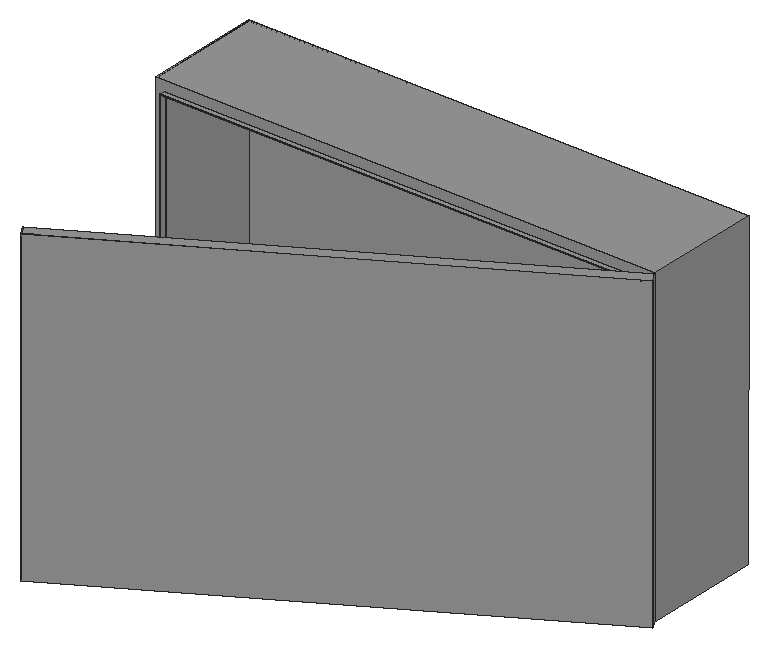
Revit family "Hager-Univers-IP44-D205-H500-Cl.II-Encl-NoHosted-SE-en", category Equipement électrique, Revit 2020
Family settings
  Configuration du panneau = Deux colonnes, circuits au sein
  Cote de connecteur circulaire = Utiliser le diamètre
  Type d'élément = Tableau de raccordement
  Basée sur le plan de construction = Oui
  Toujours verticalement = Oui
  Couper avec des vides une fois chargée = Non
  Partagée = Non
  Point de calcul de pièce = Non
Parameters (values of type "Surface mounted (plaster) IP44 W800 H500 D205  - FP33SN2")
  Width Control [instance] = if([EF000008 - Width] > Min Width, [EF000008 - Width], Min Width)  # 800 mm
  Commentaires du type = [HG000003 - Range]  # "Univers"
  Thickness Door [instance] = if([EF009171 - Material plate thickness door/cover] > 3 mm, 3 mm, [EF009171 - Material plate thickness door/cover])  # 1 mm
  Seal Frame Offset [instance] = 17 mm  # constant formula
  Plinth Visibility [instance] = [HG000027 - Plinth height] > 0 mm  # no
  Min Width [instance] = 100 mm  # constant formula
  Min Depth [instance] = (2 * [EF009170 - Material plate thickness cabinet]) + 1 mm  # 3 mm
  Min Height [instance] = 100 mm  # constant formula
  Internal Frame Depth [instance] = (Door System Depth * 0.5)  # 9 mm
  Panel Name [instance] = ""  # (empty or 0)
  Model = ""
  HG000027 - Plinth height = 0 mm
  HG000026 - Floor standing = no
  HG000024 - Bottom section height = 600 mm
  HG000023 - Double section enclosure = no
  HG000016 - Door 3d visibility [instance] = yes
  HG000015 - Clearance visibility [instance] = no
  HG000014 - Door on the right [instance] = yes
  HG000013 - Door on the left [instance] = not([HG000014 - Door on the right])  # no
  HG000012 - Door swing angle [instance] = 30.00°
  HG000010 - Asymmetric doors = no
  HG000009 - Double swing door = no
  HG000006 - Flush mounted = no
  HG000004 - Manufacturer reference = "FP33SN2"
  HG000003 - Range = "Univers"
  HG000002 - With door or cover = yes
  Frame Offset Bottom [instance] = 10 mm  # constant formula
  Frame Offset [instance] = 15 mm  # constant formula
  EF015940 - Cover with overpressure release = no
  EF011959 - Degree of protection (NEMA) = ""
  EF009554 - Number of openings for flange plates = 6
  EF009212 - Cover model = "EV000116 - Closed"
  EF009171 - Material plate thickness door/cover = 1 mm
  EF009170 - Material plate thickness cabinet = 1 mm
  EF008873 - Nominal current (In) = 250 A
  EF007800 - Suitable for lightning protection = no
  EF006306 - With lock = no
  EF006244 - Transparent cover/door = no
  EF005474 - Degree of protection (IP) = "EV006418 - IP44"
  EF004464 - Type of door = "EV002646 - Single"
  EF004427 - Number of modules = 108
  EF004293 - Impact strength = "EV006815 - IK09"
  EF003532 - Suitable for outdoor use = no
  EF002950 - Width in number of modular spacings = 36
  EF001613 - Circuit integrity = "EV000494 - None"
  EF001596 - Material housing = "EV000179 - Steel"
  EF001131 - Internal depth = 143 mm
  EF001088 - Extension possible = yes
  EF000437 - Number of conduit inlets = 6
  EF000339 - Type of cover = "EV001012 - Cover"
  EF000266 - Number of rows = 3
  EF000218 - Built-in depth = 205 mm
  EF000118 - With mounting plate = no
  EF000116 - RAL-number = "9010"
  EF000049 - Depth = 205 mm
  EF000040 - Height = 500 mm
  EF000008 - Width = 800 mm
  EF000007 - Colour = "EV000202 - White"
  EF000003 - Mounting method = "EV000384 - Surface mounted (plaster)"
  Door System Leaf Tolerance [instance] = 1.5 mm  # constant formula
  Door System Depth [instance] = 18 mm  # constant formula
  Door Height [instance] = Height Control - [HG000027 - Plinth height]  # 500 mm
  Description = ""
  Default Elevation = 1219.2 mm
  Connector Offset [instance] = Height Control / 2  # 250 mm
  Fabricant = "Hager"  # constant formula
  Height Control [instance] = if([EF000040 - Height] > Min Height, [EF000040 - Height], Min Height)  # 500 mm
  Depth Control [instance] = if([EF000049 - Depth] > Min Depth, [EF000049 - Depth], Min Depth)  # 205 mm
  Bottom Top Plate Trim [instance] = 1.5 mm  # constant formula
  Plinth height Ctrl [instance] = if([HG000027 - Plinth height] > 0 mm, [HG000027 - Plinth height], 12 mm)  # 12 mm
Types (5, lengths in mm): name | Width Control | HG000010 - Asymmetric doors | HG000009 - Double swing door | HG000004 - Manufacturer reference | EF009554 - Number of openings for flange plates | EF004464 - Type of door | EF004427 - Number of modules | EF002950 - Width in number of modular spacings | EF000437 - Number of conduit inlets | EF000008 - Width
  Surface mounted (plaster) IP44 W1050 H500 D205  - FP34SN2 | 1050 | no | yes | "FP34SN2" | 8 | "EV003602 - Double" | 144 | 48 | 8 | 1050
  Surface mounted (plaster) IP44 W1300 H500 D205  - FP35SN2 | 1300 | yes | yes | "FP35SN2" | 10 | "EV003602 - Double" | 180 | 60 | 10 | 1300
  Surface mounted (plaster) IP44 W300 H500 D205  - FP31SN2 | 300 | no | no | "FP31SN2" | 2 | "EV002646 - Single" | 36 | 12 | 2 | 300
  Surface mounted (plaster) IP44 W550 H500 D205  - FP32SN2 | 550 | no | no | "FP32SN2" | 4 | "EV002646 - Single" | 72 | 24 | 4 | 550
  Surface mounted (plaster) IP44 W800 H500 D205  - FP33SN2 | 800 | no | no | "FP33SN2" | 6 | "EV002646 - Single" | 108 | 36 | 6 | 800
Reference planes
  plane 1 "Center (Front/Back)": y = 0
  plane 2: z = 0
  plane 3 "Center (Left/Right)": x = 0
  plane 4: y = 0
  plane 5: y = 0
  plane 6: z = 0
  plane 7: x = -400
  plane 8: x = 400
  plane 9: x = 399
  plane 10: x = -399
  plane 11: z = 0
  plane 12: z = 1
  plane 13: y = -205
  plane 14: y = -1
  plane 15: x = 0
  plane 16: y = -187
  plane 17: y = -204
  plane 18: y = -186
  plane 19: x = -384
  plane 20: x = 384
  plane 21: z = 11
  plane 22: x = -383
  plane 23: x = 383
  plane 24: z = 0
  plane 25: z = 500
  plane 26: z = 500
  plane 27: z = 484
  plane 28: z = 499
Forms (mm)
  Extrusion 1, solid, material "Hager_Steel_RAL7035_Light_Grey", detail levels medium+fine
    sketch origin (-208.679, -4572, 0) x (-1, 0, 0) y (0, -1, 0)
      loop
        line (191.321, -4385) -> (-608.679, -4385) -> (-608.679, -4572) -> (191.321, -4572) -> (191.321, -4385)
    from 0 to 500
  Extrusion 2, void
    sketch origin (-350.771, -205, 1219.2) x (1, 0, 0) y (0, 0, 1)
      loop
        line (-48.229, -720.2) -> (-48.229, -1218.2) -> (749.771, -1218.2) -> (749.771, -720.2) -> (-48.229, -720.2)
    from -19 to -204
  Extrusion 3, void
    sketch origin (-290.084, -187, 1219.2) x (1, 0, 0) y (0, 0, 1)
      loop
        line (-93.916, -1208.2) -> (674.084, -1208.2) -> (674.084, -735.2) -> (-93.916, -735.2) -> (-93.916, -1208.2)
    from 0 to -1
  Extrusion 4, solid, material "Hager_Steel_RAL7035_Light_Grey", visible <- "Plinth Visibility", detail levels medium+fine
    sketch origin (0, 0, 0) x (1, 0, 0) y (0, 1, 0)
      loop
        line (-400, 0) -> (-400, -187) -> (400, -187) -> (400, 0) -> (-400, 0)
    from 0 to 12 <- "Plinth height Ctrl"
  Extrusion 5, solid, material "Hager_Steel_RAL7035_Light_Grey", detail levels coarse
    sketch origin (0, 0, 0) x (1, 0, 0) y (0, 1, 0)
      loop
        line (-400, 0) -> (-400, -205) -> (400, -205) -> (400, 0) -> (-400, 0)
    from 0 to 500 <- "Height Control"
  Sweep 6, void
    path in 3D
      loop
        line (-400, -187, 12) -> (400, -187, 12) -> (400, 0, 12) -> (-400, 0, 12) -> (-400, -187, 12)
    profile origin (-400, -93.5, 12) x (1, 0, 0) y (0, 0, 1)
      loop
        line (0, 0) -> (0, -1.5) -> (1.5, -1.5)
        arc (1.5, -1.5) -> (1.061, -0.439) -> (0, 0) r 1.5
  Extrusion 7, solid, material "Hager_Steel_RAL7035_Light_Grey", detail levels fine
    sketch origin (-400, -187, 0) x (1, 0, 0) y (0, 0, 1)
      loop
        line (16, 11) -> (784, 11) -> (784, 484) -> (16, 484) -> (16, 11)
      loop
        line (15, 10) -> (785, 10) -> (785, 485) -> (15, 485) -> (15, 10)
    from 0 to 9 <- "Internal Frame Depth"
Cuts and joins
  Extrusion 2, Extrusion 3 cuts Extrusion 1
  Sweep 6 cuts Extrusion 4
Lines and regions (mm)
  Masking region 1
    outline origin (0, 0, 0) x (1, 0, 0) y (0, 1, 0)
      loop
        line (-400, 0) -> (-400, -205) -> (400, -205) -> (400, 0) -> (-400, 0)
  Masking region 2, detail levels coarse
    outline origin (-290.084, -187, 1219.2) x (-1, 0, 0) y (0, 0, 1)
      loop
        line (-690.084, -1219.2) -> (109.916, -1219.2) -> (109.916, -719.2) -> (-690.084, -719.2) -> (-690.084, -1219.2)
  Masking region 3, detail levels coarse
    outline origin (0, 0, 0) x (0, 1, 0) y (0, 0, 1)
      loop
        line (0, 0) -> (0, 500) -> (-205, 500) -> (-205, 0) -> (0, 0)
  Masking region 4, visible <- "Plinth Visibility", detail levels medium+fine
    outline origin (0, 0, 0) x (0, 1, 0) y (0, 0, 1)
      loop
        line (-1.5, 12) -> (-185.5, 12)
        arc (-185.5, 12) -> (-185.939, 10.939) -> (-187, 10.5) r 1.5
        line (-187, 10.5) -> (-187, 0) -> (0, 0) -> (0, 10.5)
        arc (0, 10.5) -> (-1.061, 10.939) -> (-1.5, 12) r 1.5
  Masking region 5, detail levels medium+fine
    outline origin (0, 0, 594.038) x (0, 1, 0) y (0, 0, 1)
      loop
        line (0, -594.038) -> (0, -94.038) -> (-187, -94.038) -> (-187, -594.038) -> (0, -594.038)
  Masking region 6, detail levels medium+fine
    outline origin (-359.7, -187, 1211.883) x (-1, 0, 0) y (0, 0, 1)
      loop
        line (-759.7, -1211.883) -> (40.3, -1211.883) -> (40.3, -711.883) -> (-759.7, -711.883) -> (-759.7, -1211.883)
  Masking region 7, visible <- "Plinth Visibility", detail levels medium+fine
    outline origin (-320.334, -187, 1041.368) x (-1, 0, 0) y (0, 0, 1)
      loop
        line (-720.334, -1041.368) -> (79.666, -1041.368) -> (79.666, -1030.868)
        arc (79.666, -1030.868) -> (78.606, -1030.429) -> (78.166, -1029.368) r 1.5
        line (78.166, -1029.368) -> (-718.834, -1029.368)
        arc (-718.834, -1029.368) -> (-719.273, -1030.429) -> (-720.334, -1030.868) r 1.5
        line (-720.334, -1030.868) -> (-720.334, -1041.368)
  sketch lines
    curve 1: line (-400, 0, 12) -> (-400, -187, 12)
    curve 2: line (-400, -187, 12) -> (400, -187, 12)
    curve 3: line (400, 0, 12) -> (-400, 0, 12)
    curve 4: line (400, -187, 12) -> (400, 0, 12)
Dimensions and locks
  locked: plane 1 "Center (Front/Back)" to plane 5
  "EF009170 - Material plate thickness cabinet": plane 7 to plane 10
  "EF009170 - Material plate thickness cabinet": plane 8 to plane 9
  equal spacing: plane 7, plane 3 "Center (Left/Right)", plane 8
  "Width Control": plane 7 to plane 8
  "Depth Control": plane 4 to plane 13
  "EF009170 - Material plate thickness cabinet": plane 4 to plane 14
  "Height Control": plane 25 to level
  "HG000027 - Plinth height": plane 11 to level
  "EF009170 - Material plate thickness cabinet": plane 12 to plane 11
  "EF009170 - Material plate thickness cabinet": plane 17 to plane 13
  "EF009170 - Material plate thickness cabinet": plane 18 to plane 16
  "Frame Offset Bottom": plane 21 to plane 12
  "Frame Offset": plane 10 to plane 19
  "Frame Offset": plane 9 to plane 20
  "Door System Depth": plane 16 to plane 13
  "Seal Frame Offset": plane 7 to plane 22
  "Seal Frame Offset": plane 8 to plane 23
  "EF009170 - Material plate thickness cabinet": plane 26 to plane 28
  "Frame Offset": plane 28 to plane 27
  "Connector Offset": plane 2 to connector elem
  "Bottom Top Plate Trim": profile plane to Sweep 6 sketch curve
  "Bottom Top Plate Trim": Sweep 6 sketch curve to Sweep 6 sketch curve
  "Plinth height Ctrl": Masking region 4 sketch curve to level
  "Plinth height Ctrl": Masking region 7 sketch curve to level
  "Thickness Door": Extrusion 7 sketch curve to Extrusion 7 sketch curve  (x4)
  "Bottom Top Plate Trim": radius of Sweep 6 sketch curve
  "Bottom Top Plate Trim": radius of Masking region 4 sketch curve  (x2)
  "Bottom Top Plate Trim": radius of Masking region 7 sketch curve  (x2)
  aligned and locked: Extrusion 2 sketch curve to plane 12
  aligned and locked: Extrusion 2 sketch curve to plane 9
  aligned and locked: Extrusion 2 sketch curve to plane 10
  aligned and locked: Extrusion 2 to plane 14
  aligned and locked: Extrusion 1 sketch curve to plane 4
  aligned and locked: plane 8 to Extrusion 1 sketch curve
  aligned and locked: plane 7 to Extrusion 1 sketch curve
  aligned and locked: Extrusion 2 to plane 18
  aligned and locked: plane 19 to Extrusion 3 sketch curve
  aligned and locked: plane 20 to Extrusion 3 sketch curve
  aligned and locked: Extrusion 3 to Extrusion 2
  aligned and locked: Extrusion 3 sketch curve to plane 21
  aligned and locked: plane 3 "Center (Left/Right)" to nested 1
  aligned and locked: Extrusion 1 sketch curve to plane 16
  aligned and locked: Extrusion 4 sketch curve to cut or joined group of Extrusion 1, Extrusion 2, Extrusion 3
  aligned and locked: Masking region 1 sketch curve to plane 7
  aligned and locked: Masking region 1 sketch curve to plane 5
  aligned and locked: Masking region 1 sketch curve to plane 8
  aligned and locked: Masking region 2 sketch curve to level
  aligned and locked: level to Masking region 3 sketch curve
  aligned and locked: plane 1 "Center (Front/Back)" to Masking region 3 sketch curve
  aligned and locked: plane 13 to Masking region 3 sketch curve
  aligned and locked: plane 5 to Masking region 4 sketch curve
  aligned and locked: Masking region 2 sketch curve to plane 8
  aligned and locked: Masking region 2 sketch curve to plane 7
  aligned and locked: plane 7 to nested 2
  aligned and locked: nested 2 to plane 5
  aligned and locked: plane 5 to Masking region 5 sketch curve
  aligned and locked: plane 26 to Masking region 5 sketch curve
  aligned and locked: Extrusion 5 sketch curve to plane 8
  aligned and locked: Extrusion 5 sketch curve to plane 7
  aligned and locked: Extrusion 5 sketch curve to plane 5
  aligned and locked: Extrusion 3 sketch curve to plane 27
  aligned and locked: Extrusion 2 sketch curve to plane 28
  aligned and locked: Masking region 2 to plane 25
  aligned and locked: Extrusion 4 to plane 16
  aligned and locked: profile plane to Sweep 6 sketch curve
  aligned and locked: Masking region 5 sketch curve to plane 24
  aligned and locked: level to Masking region 4 sketch curve
  aligned and locked: Masking region 1 to plane 13
  aligned and locked: nested 1 to plane 16
  aligned and locked: Masking region 3 to plane 25
  aligned and locked: plane 16 to Masking region 4 sketch curve
  aligned and locked: Masking region 5 sketch curve to plane 16
  aligned and locked: plane 24 to plane 11
  aligned and locked: plane 26 to plane 25
  aligned and locked: plane 26 to cut or joined group of Extrusion 1, Extrusion 2, Extrusion 3
  aligned and locked: nested 1 to plane 24
  aligned and locked: Extrusion 1 to Extrusion 3
  aligned and locked: Masking region 6 sketch curve to plane 8
  aligned and locked: Masking region 6 sketch curve to plane 24
  aligned and locked: Masking region 6 sketch curve to plane 7
  aligned and locked: Masking region 6 sketch curve to plane 26
  aligned and locked: Masking region 7 sketch curve to plane 7
  aligned and locked: level to Masking region 7 sketch curve
  aligned and locked: Masking region 7 sketch curve to plane 8
  aligned and locked: Extrusion 7 sketch curve to cut or joined group of Extrusion 1, Extrusion 2, Extrusion 3  (x4)
Automatic sketch dimensions
  plane 19 to Extrusion 3 sketch curve = 0 mm
  Extrusion 3 sketch curve to plane 20 = 0 mm
  Extrusion 3 sketch curve to plane 21 = 0 mm
  Extrusion 4 sketch curve to plane 7 = 0 mm
  Extrusion 4 sketch curve to plane 8 = 0 mm
  Extrusion 4 sketch curve to plane 16 = 0 mm
  Masking region 1 sketch curve to plane 13 = 0 mm
  Masking region 2 sketch curve to plane 25 = 0 mm
  Masking region 3 sketch curve to plane 25 = 0 mm
  Extrusion 5 sketch curve to plane 13 = 0 mm
  profile plane to Sweep 6 sketch curve = 0 mm
Nested families
  nested 1: "EC000058_Univers_Door" at (0, -187, 0), Double <- "HG000009 - Double swing door", Transparent <- "EF006244 - Transparent cover/door", Angle <- "HG000012 - Door swing angle", Door_Right <- "HG000014 - Door on the right", Assymetrical <- "HG000010 - Asymmetric doors", Door <- "HG000002 - With door or cover", Width_Ctrl <- "Width Control", 3d_Door <- "HG000016 - Door 3d visibility", Clearance <- "HG000015 - Clearance visibility", Door_Left <- "HG000013 - Door on the left", Width <- "Width Control", Door_Depth <- "Door System Depth", Leaf_Tolerance <- "Door System Leaf Tolerance", Height <- "Door Height", Lock_Visibility <- "EF006306 - With lock", Thickness <- "Thickness Door", type "EC000058_Univers_Door", detail levels medium+fine
    with min_wh 3 mm, Width_Ctrl 800 mm, Width 800 mm, Transparent no, Thickness 1 mm, Seal_Material Hager_Rubber, Lock_Visibility no, Lock_Material Hager_Plastic_RAL9005_Jet_Black, Leaf_Width 800 mm, Leaf_Tolerance_External_Sides 0 mm, Leaf_Tolerance 1.5 mm, Leaf_Offset 0 mm, Leaf_Height 497 mm, Leaf_2_Width 800 mm, Leaf_2_Offset 400 mm, Leaf_1_Width 800 mm, Leaf_1_Offset 400 mm, Height_Ctrl 500 mm, Height 500 mm, Glass_Material Hager_Glass, Double_Clearance_Ctrl no, Double no, Door_Right_Ctrl yes, Door_Right yes, Door_Material Hager_Steel_RAL7035_Light_Grey, Door_Left_Ctrl no, Door_Left no, Door_Depth 18 mm, Door yes, Clearance_Material Hager_Clearance, Clearance_Depth 800 mm, Clearance_Ctrl no, Clearance no, Assymetrical no, Angle 30.00°, 3d_Door yes
  nested 2: "Hager_Enclosure_Symbol" at (-400, 0, 0), Height <- "Depth Control", Width <- "Width Control", type "Hager_Enclosure_Symbol"
    with Width_Ctrl 800 mm, Width 800 mm, Height_Ctrl 205 mm, Height 205 mm, A_Width_Int 13.453 mm, A_Width 161.438 mm, A_Height_Ctrl 179.375 mm, A_Height 179.375 mm
Connectors
  electrical at (0, 0, 250)
    settings: on plane 1 "Center (Front/Back)", index 1, voltage 0 V, apparent load 0 VA, apparent load phase1 0 VA, apparent load phase2 0 VA, apparent load phase3 0 VA, power factor 1, load classification "Other", number of poles 1, system type 30, power factor state 1, is connector primary yes, connector utility no, sub classification motor no, connector description ""
Definition of nested family "EC000058_Univers_Door"
  Parameters (values of type "EC000058_Univers_Door")
    min_wh [instance] = (2 * Thickness) + 1 mm  # 11 mm
    Width_Ctrl [instance] = 400 mm
    Width [instance] = 500 mm
    Transparent [instance] = yes
    Thickness [instance] = 5 mm
    Seal_Material [instance] = none
    Lock_Visibility [instance] = yes
    Lock_Material [instance] = none
    Leaf_Width [instance] = if((Width_Ctrl - 2 * Leaf_Tolerance_External_Sides) > 0 mm, (Width_Ctrl - 2 * Leaf_Tolerance_External_Sides), min_wh)  # 400 mm
    Leaf_Tolerance_External_Sides [instance] = 0 mm  # constant formula
    Leaf_Tolerance [instance] = 1.5 mm
    Leaf_Offset [instance] = 0 mm  # constant formula
    Leaf_Height [instance] = if((Height_Ctrl - 2 * Leaf_Tolerance) > 0 mm, (Height_Ctrl - 2 * Leaf_Tolerance), min_wh)  # 497 mm
    Leaf_2_Width [instance] = if(and(and(Double, Assymetrical), Door_Left), (Leaf_Width / 3) - (Leaf_Tolerance / 2), if(and(and(Double, Assymetrical), Door_Right), (Leaf_Width / 3) * 2 - (Leaf_Tolerance / 2), if(and(Double, not(Assymetrical)), (Leaf_Width / 2) - Leaf_Tolerance, Leaf_Width)))  # 400 mm
    Leaf_2_Offset [instance] = if(and(Double, Assymetrical), Leaf_2_Width / 2, if(and(Double, not(Assymetrical)), Leaf_Width / 4, Leaf_Width / 2))  # 200 mm
    Leaf_1_Width [instance] = if(and(and(Double, Assymetrical), Door_Right), (Leaf_Width / 3) - (Leaf_Tolerance / 2), if(and(and(Double, Assymetrical), Door_Left), (Width / 3) * 2 - (Leaf_Tolerance / 2), if(and(Double, not(Assymetrical)), (Leaf_Width / 2) - Leaf_Tolerance, Leaf_Width)))  # 400 mm
    Leaf_1_Offset [instance] = if(and(Double, Assymetrical), Leaf_1_Width / 2, if(and(Double, not(Assymetrical)), Leaf_Width / 4, Leaf_Width / 2))  # 200 mm
    Height_Ctrl [instance] = if(Height > min_wh, Height, min_wh)  # 500 mm
    Height [instance] = 500 mm
    Glass_Material [instance] = none
    Double_Clearance_Ctrl [instance] = and(Double, Clearance)  # no
    Double [instance] = no
    Door_Right_Ctrl [instance] = and(or(Door_Right, Double), Door)  # yes
    Door_Right [instance] = yes
    Door_Material [instance] = none
    Door_Left_Ctrl [instance] = and(or(Door_Left, Double), Door)  # no
    Door_Left [instance] = no
    Door_Depth [instance] = 30 mm
    Door [instance] = yes
    Default Elevation = 1219.2 mm
    Clearance_Material [instance] = none
    Clearance_Depth [instance] = if(Leaf_1_Width > Leaf_2_Width, Leaf_1_Width, Leaf_2_Width)  # 400 mm
    Clearance_Ctrl [instance] = and(not(Double), Clearance)  # yes
    Clearance [instance] = yes
    Assymetrical [instance] = yes
    Angle [instance] = 30.00°
    3d_Door [instance] = yes
  Reference planes
    plane 1 "Center (Front/Back)": y = 0
    plane 2 "Bottom": z = 0
    plane 3 "Center (Left/Right)": x = 0
    plane 4: z = 500
    plane 5: x = -200
    plane 6: x = 200
    plane 7: z = 500
    plane 8: x = -200
    plane 9: z = 0
    plane 10: x = 200
    plane 11: y = 0
    plane 12: z = 1.5
    plane 13: x = -600
    plane 14: y = -400
    plane 15: x = 600
    plane 16: x = 0
    plane 17: x = 0
    plane 18: x = -200
    plane 19: x = 200
    plane 20: z = 498.5
  Forms (mm)
    Extrusion 1, solid, material <- "Clearance_Material", visible <- "Double_Clearance_Ctrl"
      sketch origin (1200, 0, 0) x (1, 0, 0) y (0, 0, -1)
        loop
          line (-1800, -498.5) -> (-600, -498.5) -> (-600, 0) -> (-1800, 0) -> (-1800, -498.5)
      from 0 to -400
  Dimensions and locks
    equal spacing: plane 5, plane 3 "Center (Left/Right)", plane 6
    "Width_Ctrl": plane 5 to plane 6
    "Leaf_Offset": plane 5 to plane 8
    "Leaf_Offset": plane 6 to plane 10
    "Leaf_Offset": plane 9 to level
    "Leaf_Offset": plane 4 to plane 7
    "Height_Ctrl": plane 4 to level
    "Leaf_Tolerance": plane 12 to plane 9
    locked: plane 11 to plane 1 "Center (Front/Back)"
    "Leaf_1_Offset": plane 18 to plane 16
    "Leaf_2_Offset": plane 17 to plane 19
    "Leaf_1_Width": plane 13 to plane 8
    "Leaf_2_Width": plane 10 to plane 15
    "Clearance_Depth": plane 14 to plane 1 "Center (Front/Back)"
    "Leaf_Tolerance_External_Sides": plane 8 to plane 18
    "Leaf_Tolerance_External_Sides": plane 19 to plane 10
    "Leaf_Tolerance": plane 7 to plane 20
    aligned and locked: level to plane 2 "Bottom"
    aligned and locked: nested 1 to plane 16
    aligned and locked: nested 2 to plane 17
    aligned and locked: Extrusion 1 to plane 13
    aligned and locked: plane 15 to Extrusion 1
    aligned and locked: Extrusion 1 to plane 14
    aligned and locked: plane 12 to nested 1
    aligned and locked: nested 2 to plane 12
    aligned and locked: Extrusion 1 to plane 11
    aligned and locked: plane 20 to Extrusion 1
    aligned and locked: nested 2 to plane 11
    aligned and locked: nested 1 to plane 11
  Automatic sketch dimensions
    Extrusion 1 sketch curve to level = 0 mm
    plane 5 to Extrusion 1 sketch curve = 400 mm
    plane 6 to Extrusion 1 sketch curve = 400 mm
    Extrusion 1 sketch curve to plane 4 = 1.5 mm
  Nested families
    nested 1: "EC000058_Univers_Door_Leaf" at (0, 0, 1.5), Width <- "Leaf_1_Width", visible <- "Door_Left_Ctrl", Leaf_Height <- "Leaf_Height", Angle <- "Angle", 3d_Door <- "3d_Door", Transparent <- "Transparent", Clearance Material <- "Clearance_Material", Clearance <- "Clearance_Ctrl", Door_Material <- "Door_Material", Glass_Material <- "Glass_Material", Door_Depth <- "Door_Depth", Lock_Material <- "Lock_Material", Seal_Material <- "Seal_Material", Lock_Visibility <- "Lock_Visibility", Thickness <- "Thickness", type "EC000058_Univers_Door_Leaf"
      with Width 400 mm, Transparent_Glass_Offset 30 mm, Transparent_Ctrl yes, Transparent yes, Thickness 5 mm, Standard no, Seal_Material none, Seal_D2 8 mm, Seal_D1 1 mm, Offset_Internal_Frame 10 mm, Lock_Width 20 mm, Lock_Visibility_3d yes, Lock_Visibility yes, Lock_Thickness_3 3 mm, Lock_Thickness_2 1 mm, Lock_Thickness_1 3 mm, Lock_Radius_Offset_2 16 mm, Lock_Radius_Offset_1 15 mm, Lock_Radius_2 5 mm, Lock_Radius 6 mm, Lock_Offset 5 mm, Lock_Material none, Lock_Height 80 mm, Lock_Cover_Top_Offset_2d 17 mm, Lock_Cover_Height -65 mm, Leaf_Height 497 mm, Internal_Seal_Thickness 8 mm, Internal_Seal_Depth_2 4.5 mm, Internal_Frame_Depth 25 mm, Glass_Thickness -1 mm, Glass_Offset -2 mm, Glass_Material none, Door_Material none, Door_Depth 30 mm, Clearance Material none, Clearance yes, Angle_Ctrl 30.00°, Angle 30.00°, 3d_Door yes
    nested 2: "EC000058_Univers_Door_Leaf" at (0, 0, 1.5) x (-1, 0, 0) z (0, 0, 1), Width <- "Leaf_2_Width", visible <- "Door_Right_Ctrl", Leaf_Height <- "Leaf_Height", Angle <- "Angle", 3d_Door <- "3d_Door", Transparent <- "Transparent", Clearance Material <- "Clearance_Material", Clearance <- "Clearance_Ctrl", Door_Material <- "Door_Material", Glass_Material <- "Glass_Material", Door_Depth <- "Door_Depth", Lock_Material <- "Lock_Material", Seal_Material <- "Seal_Material", Lock_Visibility <- "Lock_Visibility", Thickness <- "Thickness", type "EC000058_Univers_Door_Leaf"
      with Width 400 mm, Transparent_Glass_Offset 30 mm, Transparent_Ctrl yes, Transparent yes, Thickness 5 mm, Standard no, Seal_Material none, Seal_D2 8 mm, Seal_D1 1 mm, Offset_Internal_Frame 10 mm, Lock_Width 20 mm, Lock_Visibility_3d yes, Lock_Visibility yes, Lock_Thickness_3 3 mm, Lock_Thickness_2 1 mm, Lock_Thickness_1 3 mm, Lock_Radius_Offset_2 16 mm, Lock_Radius_Offset_1 15 mm, Lock_Radius_2 5 mm, Lock_Radius 6 mm, Lock_Offset 5 mm, Lock_Material none, Lock_Height 80 mm, Lock_Cover_Top_Offset_2d 17 mm, Lock_Cover_Height -65 mm, Leaf_Height 497 mm, Internal_Seal_Thickness 8 mm, Internal_Seal_Depth_2 4.5 mm, Internal_Frame_Depth 25 mm, Glass_Thickness -1 mm, Glass_Offset -2 mm, Glass_Material none, Door_Material none, Door_Depth 30 mm, Clearance Material none, Clearance yes, Angle_Ctrl 30.00°, Angle 30.00°, 3d_Door yes
  Definition of nested family "EC000058_Univers_Door_Leaf"
    Parameters (values of type "EC000058_Univers_Door_Leaf")
      Width [instance] = 2000 mm
      Transparent_Glass_Offset [instance] = 30 mm
      Transparent_Ctrl [instance] = and(Transparent, [3d_Door])  # yes
      Transparent [instance] = yes
      Thickness [instance] = 5 mm
      Standard [instance] = and(not(Transparent), [3d_Door])  # no
      Seal_Material [instance] = none
      Seal_D2 [instance] = 8 mm  # constant formula
      Seal_D1 [instance] = 1 mm  # constant formula
      Offset_Internal_Frame [instance] = 10 mm  # constant formula
      Lock_Width [instance] = 20 mm  # constant formula
      Lock_Visibility_3d [instance] = and(Lock_Visibility, [3d_Door])  # yes
      Lock_Visibility [instance] = yes
      Lock_Thickness_3 [instance] = 3 mm  # constant formula
      Lock_Thickness_2 [instance] = 1 mm  # constant formula
      Lock_Thickness_1 [instance] = 3 mm  # constant formula
      Lock_Radius_Offset_2 [instance] = Lock_Radius_Offset_1 + 1 mm  # 16 mm
      Lock_Radius_Offset_1 [instance] = 15 mm  # constant formula
      Lock_Radius_2 [instance] = Lock_Radius - 1 mm  # 5 mm
      Lock_Radius [instance] = 6 mm  # constant formula
      Lock_Offset [instance] = 5 mm  # constant formula
      Lock_Material [instance] = none
      Lock_Height [instance] = 80 mm  # constant formula
      Lock_Cover_Top_Offset_2d [instance] = Lock_Radius_Offset_2 + 1 mm  # 17 mm
      Lock_Cover_Height [instance] = -(Lock_Height - Lock_Radius_Offset_1)  # -65 mm
      Leaf_Height [instance] = 2720.336 mm
      Internal_Seal_Thickness [instance] = 8 mm  # constant formula
      Internal_Seal_Depth_2 [instance] = 4.5 mm  # constant formula
      Internal_Frame_Depth [instance] = if(Door_Depth - Thickness > 5 mm, Door_Depth - Thickness, 5 mm)  # 25 mm
      Glass_Thickness [instance] = if(Thickness > 15 mm, Glass_Offset + 10 mm, -1 mm)  # -1 mm
      Glass_Offset [instance] = if(Thickness > 15 mm, -(Thickness + 10 mm) / 2, -2 mm)  # -2 mm
      Glass_Material [instance] = none
      Door_Material [instance] = none
      Door_Depth [instance] = 30 mm
      Default Elevation = 0 mm
      Clearance Material [instance] = none
      Clearance [instance] = yes
      Angle_Ctrl [instance] = if(Angle > 180.00°, 180.00°, Angle)  # 90.00°
      Angle [instance] = 90.00°
      3d_Door [instance] = yes
    Reference planes
      plane 1 "Center (Front/Back)": y = 0
      plane 2: z = 0
      plane 3 "Center (Left/Right)": x = 0
      plane 4: y = 2000
      plane 5: x = -1000
      plane 6: x = 1000
      plane 7: x = -3000
      plane 8: z = 2720.336
      plane 9: z = 30
      plane 10: z = 2690.336
      plane 11: x = 970
      plane 12: x = -970
      plane 13: y = -3
      plane 14: z = 107.833
      plane 15: y = -5
      plane 16: y = -223.314
      plane 17: x = -1000
      plane 18: z = 1360.168
      plane 19: y = 30
    Forms (mm)
      Extrusion 1, solid, material <- "Clearance Material", visible <- "Clearance"
        sketch origin (0, 0, 0) x (1, 0, 0) y (0, 0, 1)
          loop
            line (-3000, 2720.336) -> (-3000, 0) -> (1000, 0) -> (1000, 2720.336) -> (-3000, 2720.336)
        from 0 to -2000
      Extrusion 2, solid, material <- "Door_Material", visible <- "Standard", detail levels medium+fine
        sketch origin (-1000, 0, 0) x (0, 1, 0) y (-1, 0, 0)
          loop
            line (0, 30) -> (0, 25) -> (2000, 25) -> (2000, 30) -> (0, 30)
        from 0 to 2720.336 <- "Leaf_Height"
      Extrusion 3, solid, material <- "Door_Material", visible <- "Transparent_Ctrl", detail levels medium+fine
        sketch origin (-1000, 0, 0) x (0, 1, 0) y (-1, 0, 0)
          loop
            line (0, 25) -> (2000, 25) -> (2000, 30) -> (0, 30) -> (0, 25)
        from 0 to 2720.336 <- "Leaf_Height"
      Extrusion 4, void
        sketch origin (-1025, 2000, 0) x (0, 1, 0) y (0, 0, -1)
          loop
            line (-30, -2690.336) -> (-30, -30) -> (-1970, -30) -> (-1970, -2690.336) -> (-30, -2690.336)
        from 0 to 5 <- "Thickness"
      Sweep 5, solid, material <- "Seal_Material", visible <- "Transparent_Ctrl", detail levels fine
        path in 3D
          loop
            line (-1025, 30, 30) -> (-1025, 30, 2690.336) -> (-1025, 1970, 2690.336) -> (-1025, 1970, 30) -> (-1025, 30, 30)
        profile origin (-1025, 1000, 30) x (1, 0, 0) y (0, 0, 1)
          loop
            line (0, 0) -> (0, -8) -> (1, -8) -> (1, 0) -> (0, 0)
      Extrusion 6, solid, material <- "Glass_Material", visible <- "Transparent_Ctrl", detail levels medium+fine
        sketch origin (-1030, 0, 0) x (0, 1, 0) y (0, 0, -1)
          loop
            line (1970, -2690.336) -> (1970, -30) -> (30, -30) -> (30, -2690.336) -> (1970, -2690.336)
        from -2 <- "Glass_Offset" to -1 <- "Glass_Thickness"
      Extrusion 7, solid, material <- "Door_Material", visible <- "3d_Door", detail levels medium+fine
        sketch origin (-1025, 2000, 0) x (0, -1, 0) y (0, 0, -1)
          loop
            line (0, -2720.336) -> (2000, -2720.336) -> (2000, 0) -> (0, 0) -> (0, -2720.336)
          loop
            line (1995, -5) -> (5, -5) -> (5, -2715.336) -> (1995, -2715.336) -> (1995, -5)
        from 0 to 25 <- "Internal_Frame_Depth"
      Sweep 8, solid, material <- "Seal_Material", visible <- "Transparent_Ctrl", detail levels fine
        path in 3D
          loop
            line (-1025, 0, 0) -> (-1025, 2000, 0) -> (-1025, 2000, 2720.336) -> (-1025, 0, 2720.336) -> (-1025, 0, 0)
        profile origin (-1025, 0, 1360.168) x (1, 0, 0) y (0, 1, 0)
          loop
            line (0, 10) -> (2.975, 10)
            arc (2.975, 10) -> (4.053, 10.447) -> (4.5, 11.525) r 1.525
            line (4.5, 11.525) -> (4.5, 16.527)
            arc (4.5, 16.527) -> (4.069, 17.569) -> (3.027, 18) r 1.473
            line (3.027, 18) -> (0, 18) -> (0, 10)
      Extrusion 9, solid, material <- "Lock_Material", visible <- "Lock_Visibility_3d", detail levels fine
        sketch origin (-1030, 0, 0) x (0, 1, 0) y (0, 0, -1)
          loop
            arc (1993.5, -1400.168) -> (1994.561, -1399.729) -> (1995, -1398.668) r 1.5
            line (1995, -1398.668) -> (1995, -1320.168) -> (1975, -1320.168) -> (1975, -1398.668)
            arc (1975, -1398.668) -> (1975.439, -1399.729) -> (1976.5, -1400.168) r 1.5
            line (1976.5, -1400.168) -> (1993.5, -1400.168)
        from 3 <- "Lock_Thickness_1" to 0
      Blend 10, solid, material <- "Lock_Material", visible <- "Lock_Visibility_3d", detail levels fine
        base sketch origin (-1033, 0, 0) x (0, 1, 0) y (0, 0, -1)
          loop
            line (1975, -1320.168) -> (1975, -1398.668)
            arc (1975, -1398.668) -> (1975.439, -1399.729) -> (1976.5, -1400.168) r 1.5
            line (1976.5, -1400.168) -> (1993.5, -1400.168)
            arc (1993.5, -1400.168) -> (1994.561, -1399.729) -> (1995, -1398.668) r 1.5
            line (1995, -1398.668) -> (1995, -1320.168) -> (1975, -1320.168)
        top sketch origin (-1033, 0, 0) x (0, 1, 0) y (0, 0, -1)
          loop
            line (1976, -1320.168) -> (1976, -1398.668)
            arc (1976, -1398.668) -> (1976.146, -1399.022) -> (1976.5, -1399.168) r 0.5
            line (1976.5, -1399.168) -> (1993.5, -1399.168)
            arc (1993.5, -1399.168) -> (1993.854, -1399.022) -> (1994, -1398.668) r 0.5
            line (1994, -1398.668) -> (1994, -1320.168) -> (1976, -1320.168)
        from 0 to 1 <- "Lock_Thickness_2"
      Blend 11, solid, material <- "Lock_Material", visible <- "Lock_Visibility_3d", detail levels fine
        base sketch origin (-1034, 0, 0) x (0, 1, 0) y (0, 0, -1)
          loop
            line (1978, -1320.168) -> (1978, -1384.168)
            arc (1978, -1384.168) -> (1985, -1391.168) -> (1992, -1384.168) r 7
            line (1992, -1384.168) -> (1992, -1320.168) -> (1978, -1320.168)
        top sketch origin (-1034, 0, 0) x (0, 1, 0) y (0, 0, -1)
          loop
            line (1991, -1320.168) -> (1979, -1320.168) -> (1979, -1383.168)
            arc (1979, -1383.168) -> (1985, -1389.168) -> (1991, -1383.168) r 6
            line (1991, -1383.168) -> (1991, -1320.168)
        from 0 to 3 <- "Lock_Thickness_3"
      Extrusion 12, solid, material <- "Lock_Material", visible <- "Lock_Visibility_3d", detail levels fine
        sketch origin (-1030, 1975, 1320.168) x (1, 0, 0) y (0, -1, 0)
          loop
            line (-7, -19) -> (-7, -1) -> (0, -1) -> (0, 0) -> (-8, 0) -> (-8, -20) -> (0, -20) -> (0, -19) -> (-7, -19)
        from 0 to -65 <- "Lock_Cover_Height"
      Extrusion 13, void
        sketch origin (-1038, 1995, 1320.168) x (-1, 0, 0) y (0, 0, -1)
          loop
            line (-5, -65) -> (0, -65) -> (-5, -60) -> (-5, -65)
        from 0 to 20 <- "Lock_Width"
      Extrusion 14, void
        sketch origin (-1038, 1975, 1320.168) x (0, -1, 0) y (0, 0, -1)
          loop
            circle (-10, -15.995) r 6
          loop
            circle (-10, -15.995) r 5
        from 0 to 2
      Extrusion 15, solid, material <- "Lock_Material", visible <- "Lock_Visibility_3d", detail levels medium
        sketch origin (-1030, 0, 0) x (0, 1, 0) y (0, 0, -1)
          loop
            arc (1993.5, -1400.168) -> (1994.561, -1399.729) -> (1995, -1398.668) r 1.5
            line (1995, -1398.668) -> (1995, -1320.168) -> (1975, -1320.168) -> (1975, -1398.668)
            arc (1975, -1398.668) -> (1975.439, -1399.729) -> (1976.5, -1400.168) r 1.5
            line (1976.5, -1400.168) -> (1993.5, -1400.168)
        from 8 to 0
    Cuts and joins
      Extrusion 4 cuts Extrusion 3
      Extrusion 13, Extrusion 14 cuts Extrusion 9
      Extrusion 14 cuts Blend 11
      Extrusion 13, Extrusion 14 cuts Extrusion 12
      joined: Extrusion 9, Blend 10, Blend 11, Extrusion 12
      Extrusion 14 cuts Extrusion 15
    Lines and regions (mm)
      Masking region 1, visible <- "Lock_Visibility", detail levels fine
        outline origin (0, 0, 0) x (0, 1, 0) y (0, 0, 1)
          loop
            line (30, 1320.168) -> (33, 1320.168) -> (33, 1400.168) -> (30, 1400.168) -> (30, 1320.168)
      Masking region 2, visible <- "Lock_Visibility", detail levels fine
        outline origin (0, 3.143, 0) x (0, 1, 0) y (0, 0, 1)
          loop
            line (29.857, 1354.168) -> (30.857, 1354.168) -> (30.857, 1366.168) -> (29.857, 1366.168) -> (29.857, 1354.168)
      Masking region 3, detail levels medium+fine
        outline origin (0, 0, 0) x (0, 1, 0) y (0, 0, 1)
          loop
            line (0, 0) -> (30, 0) -> (30, 2720.336) -> (0, 2720.336) -> (0, 0)
      Masking region 4, detail levels medium+fine
        outline origin (0, 0, 0) x (1, 0, 0) y (0, 0, 1)
          loop
            line (-1000, 2720.336) -> (-1000, 0) -> (1000, 0) -> (1000, 2720.336) -> (-1000, 2720.336)
      Masking region 5, visible <- "Lock_Visibility", detail levels fine
        outline origin (-47.116, 0, 0) x (1, 0, 0) y (0, 0, 1)
          loop
            arc (1024.616, 1399.168) -> (1023.556, 1398.729) -> (1023.116, 1397.668) r 1.5
            line (1023.116, 1397.668) -> (1023.116, 1320.168) -> (1041.116, 1320.168) -> (1041.116, 1397.668)
            arc (1041.116, 1397.668) -> (1040.677, 1398.729) -> (1039.616, 1399.168) r 1.5
            line (1039.616, 1399.168) -> (1024.616, 1399.168)
      Masking region 6, visible <- "Lock_Visibility", detail levels medium+fine
        outline origin (-25, 0, 0) x (1, 0, 0) y (0, 0, 1)
          loop
            arc (1001.5, 1400.168) -> (1000.439, 1399.729) -> (1000, 1398.668) r 1.5
            line (1000, 1398.668) -> (1000, 1320.168) -> (1020, 1320.168) -> (1020, 1398.668)
            arc (1020, 1398.668) -> (1019.561, 1399.729) -> (1018.5, 1400.168) r 1.5
            line (1018.5, 1400.168) -> (1001.5, 1400.168)
      Masking region 7, visible <- "Lock_Visibility", detail levels fine
        outline origin (-73.735, 0, 0) x (1, 0, 0) y (0, 0, 1)
          loop
            line (1051.735, 1382.168) -> (1065.735, 1382.168) -> (1065.735, 1384.168)
            arc (1065.735, 1384.168) -> (1058.735, 1391.168) -> (1051.735, 1384.168) r 7
            line (1051.735, 1384.168) -> (1051.735, 1382.168)
      Masking region 8, visible <- "Lock_Visibility", detail levels fine
        outline origin (-73.735, 0, 0) x (1, 0, 0) y (0, 0, 1)
          loop
            line (1052.735, 1382.168) -> (1064.735, 1382.168) -> (1064.735, 1383.168)
            arc (1064.735, 1383.168) -> (1058.735, 1389.168) -> (1052.735, 1383.168) r 6
            line (1052.735, 1383.168) -> (1052.735, 1382.168)
      Masking region 9, visible <- "Lock_Visibility", detail levels fine
        outline origin (-25, 0, 0) x (1, 0, 0) y (0, 0, 1)
          loop
            line (1020, 1320.168) -> (1020, 1382.168) -> (1000, 1382.168) -> (1000, 1320.168) -> (1020, 1320.168)
      Masking region 10, detail levels medium+fine
        outline origin (0, 0, 0) x (1, 0, 0) y (0, 0, 1)
          loop
            circle (985, 1335.144) r 6
      Masking region 11, detail levels fine
        outline origin (0, 0, 0) x (1, 0, 0) y (0, 0, 1)
          loop
            circle (985, 1335.144) r 5
      Masking region 12, visible <- "Lock_Visibility", detail levels fine
        outline origin (0, 12.767, 0) x (0, 1, 0) y (0, 0, 1)
          loop
            line (20.233, 1320.168) -> (21.233, 1320.168) -> (21.233, 1399.168) -> (20.233, 1400.168) -> (20.233, 1320.168)
      Masking region 13, visible <- "Lock_Visibility", detail levels fine
        outline origin (0, 13.767, -10) x (0, 1, 0) y (0, 0, 1)
          loop
            line (20.233, 1330.168) -> (23.233, 1330.168) -> (23.233, 1399.168) -> (20.233, 1402.168) -> (20.233, 1330.168)
      Masking region 14, visible <- "Lock_Visibility", detail levels fine
        outline origin (0, 12.767, -10) x (0, 1, 0) y (0, 0, 1)
          loop
            line (20.233, 1330.168) -> (25.233, 1330.168) -> (25.233, 1399.305) -> (20.233, 1394.305) -> (20.233, 1330.168)
      Masking region 15, visible <- "Lock_Visibility", detail levels medium
        outline origin (0, 0, 0) x (0, 1, 0) y (0, 0, 1)
          loop
            line (30, 1320.168) -> (38, 1320.168) -> (38, 1400.168) -> (30, 1400.168) -> (30, 1320.168)
      Masking region 16, visible <- "Lock_Visibility", detail levels fine
        outline origin (-1000, 0, 0) x (0, 1, 0) y (-1, 0, 0)
          loop
            line (1975, 30) -> (1995, 30) -> (1995, 38) -> (1975, 38) -> (1975, 30)
          loop
            line (1979, 37) -> (1976, 37) -> (1976, 34) -> (1978, 34) -> (1979, 37)
          loop
            line (1994, 37) -> (1991, 37) -> (1992, 34) -> (1994, 34) -> (1994, 37)
      Masking region 17, visible <- "Lock_Visibility", detail levels medium
        outline origin (-1000, 0, 0) x (0, 1, 0) y (-1, 0, 0)
          loop
            line (1975, 30) -> (1995, 30) -> (1995, 38) -> (1975, 38) -> (1975, 30)
      symbolic lines
        curve 1: line (1000, 0, 0) -> (-3000, 0, 0)
        curve 2: arc (1000, 0, 0) -> (-1000, 2000, 0) -> (-3000, 0, 0) r 2000
        curve 4: line (-1030, 0, 0) -> (-1030, 2000, 0)
      reference lines
        curve 3: line (-1000, 0, 0) -> (-1000, 2000, 0)
      symbolic lines, detail levels medium+fine
        curve 5: line (-1030, 2000, 0) -> (-1025, 2000, 0)
        curve 7: line (-1025, 0, 0) -> (-1030, 0, 0)
        curve 8: line (-1025, 0, 0) -> (-1000, 0, 0)
        curve 9: line (-1000, 0, 0) -> (-1000, 2000, 0)
        curve 10: line (-1000, 2000, 0) -> (-1025, 2000, 0)
      symbolic lines, detail levels fine
        curve 6: line (-1025, 2000, 0) -> (-1025, 0, 0)
      sketch lines
        curve 11: line (-1025, 0, 2720.336) -> (-1025, 0, 0)
        curve 12: line (-1025, 2000, 0) -> (-1025, 0, 0)
        curve 13: line (-1025, 2000, 2720.336) -> (-1025, 2000, 0)
        curve 14: line (-1025, 0, 2720.336) -> (-1025, 2000, 2720.336)
        curve 15: line (-1025, 1970, 30) -> (-1025, 30, 30)
        curve 16: line (-1025, 30, 30) -> (-1025, 30, 2690.336)
        curve 17: line (-1025, 1970, 2690.336) -> (-1025, 1970, 30)
        curve 18: line (-1025, 30, 2690.336) -> (-1025, 1970, 2690.336)
      symbolic lines, visible <- "Transparent", detail levels medium+fine
        curve 19: line (-970, 0, 2690.336) -> (970, 0, 2690.336)
        curve 20: line (-970, 0, 30) -> (-970, 0, 2690.336)
        curve 21: line (970, 0, 30) -> (-970, 0, 30)
        curve 22: line (970, 0, 2690.336) -> (970, 0, 30)
    Dimensions and locks
      "Width": plane 1 "Center (Front/Back)" to plane 4
      equal spacing: plane 5, plane 3 "Center (Left/Right)", plane 6
      "Width": plane 5 to plane 6
      "Width": plane 7 to plane 5
      "Leaf_Height": plane 8 to level
      "Width": curve 5 to curve 3
      "Width": curve 3 to curve 3
      plane 8 to plane 10 = 30 mm
      plane 9 to level = 30 mm
      plane 12 to plane 5 = 30 mm
      plane 6 to plane 11 = 30 mm
      Extrusion 1 to Extrusion 4 sketch curve = 30 mm
      "Transparent_Glass_Offset": curve 3 to Extrusion 4 sketch curve
      "Transparent_Glass_Offset": Extrusion 4 sketch curve to cut or joined group of Extrusion 3, Extrusion 4  (x2)
      cut or joined group of Extrusion 3, Extrusion 4 to Extrusion 6 sketch curve = 30 mm
      "Transparent_Glass_Offset": cut or joined group of Extrusion 3, Extrusion 4 to Extrusion 4 sketch curve
      "Thickness": curve 6 to curve 4
      "Thickness": Extrusion 7 sketch curve to Extrusion 7 sketch curve  (x4)
      "Door_Depth": curve 4 to curve 3
      "Offset_Internal_Frame": profile plane to Sweep 8 sketch curve
      "Internal_Seal_Thickness": Sweep 8 sketch curve to Sweep 8 sketch curve
      "Internal_Seal_Depth_2": profile plane to Sweep 8 sketch curve
      "Seal_D1": profile plane to Sweep 5 sketch curve
      "Seal_D2": profile plane to Sweep 5 sketch curve
      "Thickness": Extrusion 2 sketch curve to Extrusion 2 sketch curve
      equal spacing: Extrusion 9 sketch curve, plane 18, Extrusion 9 sketch curve  (x2)
      equal spacing: Masking region 1 sketch curve, plane 18, Masking region 1 sketch curve
      "Lock_Height": Masking region 1 sketch curve to Masking region 1 sketch curve
      "Lock_Radius": Masking region 2 sketch curve to plane 18 to Masking region 2 sketch curve
      Masking region 2 sketch curve to Masking region 1 = 1 mm
      "Door_Depth": plane 19 to plane 1 "Center (Front/Back)"
      "Lock_Thickness_1": Masking region 1 sketch curve to plane 19
      "Lock_Width": Extrusion 9 sketch curve to Extrusion 9 sketch curve
      "Lock_Height": Extrusion 9 sketch curve to Extrusion 9 sketch curve
      "Lock_Offset": cut or joined group of Extrusion 3, Extrusion 4 to Extrusion 9 sketch curve
      equal spacing: plane 8, plane 18, level
      "Lock_Radius_Offset_1": Blend 11 sketch curve to Blend 10
      locked: Blend 10 to Blend 11 sketch curve at 2  (x2)
      locked: var sketch to Blend 11 sketch curve at 1  (x2)
      "Lock_Radius_Offset_2": Blend 11 sketch curve to Blend 10
      locked: Extrusion 12 sketch curve to Extrusion 12 sketch curve at 1  (x3)
      Masking region 6 sketch curve to Masking region 6 sketch curve = 80 mm
      "Lock_Height": Masking region 6 sketch curve to Masking region 6 sketch curve
      "Lock_Width": Masking region 6 sketch curve to Masking region 6 sketch curve
      locked: Masking region 6 to Masking region 5 sketch curve at 1  (x3)
      locked: Masking region 5 to Masking region 7 sketch curve at 2  (x2)
      "Lock_Radius_Offset_1": Masking region 5 to Masking region 7 sketch curve
      "Lock_Radius_Offset_2": Masking region 5 to Masking region 8 sketch curve
      locked: Masking region 7 to Masking region 8 sketch curve at 1  (x2)
      "Lock_Cover_Top_Offset_2d": Masking region 5 to Masking region 9 sketch curve
      equal spacing: Masking region 9, Masking region 10 sketch curve, Masking region 9
      equal spacing: Masking region 9, Masking region 11 sketch curve, Masking region 9
      Extrusion 15 sketch curve to Extrusion 15 sketch curve = 80 mm
      "Lock_Width": Extrusion 15 sketch curve to Extrusion 15 sketch curve
      "Lock_Height": Extrusion 15 sketch curve to Extrusion 15 sketch curve
      equal spacing: Extrusion 15 sketch curve, plane 18, Extrusion 15 sketch curve
      "Lock_Thickness_3": Masking region 13 sketch curve to Masking region 13 sketch curve
      "Lock_Height": Masking region 12 sketch curve to Masking region 12 sketch curve
      locked: Masking region 13 sketch curve to Masking region 1 at 8
      locked: Masking region 14 sketch curve to Masking region 13 at 1
      locked: Masking region 14 sketch curve to Masking region 1 at 10.863
      "Lock_Height": Masking region 15 sketch curve to Masking region 15 sketch curve
      "Lock_Offset": Extrusion 15 sketch curve to cut or joined group of Extrusion 3, Extrusion 4
      "Lock_Offset": plane 6 to Masking region 6 sketch curve
      radius of Sweep 8 sketch curve = 1.525 mm
      radius of Sweep 8 sketch curve = 1.473 mm
      radius of Extrusion 9 sketch curve = 1.5 mm  (x2)
      "Lock_Radius": radius of Extrusion 14 sketch curve
      "Lock_Radius_2": radius of Extrusion 14 sketch curve
      "Lock_Radius": radius of Masking region 10 sketch curve
      "Lock_Radius_2": radius of Masking region 11 sketch curve
      radius of Extrusion 15 sketch curve = 1.5 mm  (x2)
      "Angle_Ctrl": angle plane 1 "Center (Front/Back)" to curve 3
      locked: Masking region 12 sketch curve to Masking region 12 sketch curve (angle 45.00°)
      locked: Masking region 13 sketch curve to Masking region 13 sketch curve (angle 45.00°)
      locked: Masking region 14 sketch curve to Masking region 14 sketch curve (angle 45.00°)
      aligned and locked: level to plane 2
      aligned and locked: Extrusion 1 to curve 1
      aligned and locked: plane 6 to Extrusion 1
      aligned and locked: Extrusion 1 to plane 1 "Center (Front/Back)"
      aligned and locked: plane 4 to Extrusion 1
      aligned and locked: plane 8 to Extrusion 1
      aligned and locked: curve 7 to Extrusion 2 sketch curve
      aligned and locked: curve 5 to Extrusion 2 sketch curve
      aligned and locked: curve 7 to Extrusion 3 sketch curve
      aligned and locked: Extrusion 3 sketch curve to curve 4
      aligned and locked: Extrusion 3 sketch curve to curve 6
      aligned and locked: Extrusion 3 sketch curve to curve 5
      aligned and locked: curve 9 to curve 3
      aligned and locked: Extrusion 7 sketch curve to cut or joined group of Extrusion 3, Extrusion 4  (x4)
      aligned and locked: plane 17 to curve 3
      aligned and locked: plane 1 "Center (Front/Back)" to curve 3
      aligned and locked: plane 17 to plane 5
      aligned and locked: Sweep 8 sketch curve to profile plane
      aligned and locked: Sweep 5 sketch curve to profile plane  (x2)
      aligned and locked: Masking region 1 to Masking region 2 sketch curve
      aligned and locked: plane 19 to Masking region 1 sketch curve
      aligned and locked: plane 1 "Center (Front/Back)" to Masking region 3 sketch curve
      aligned and locked: plane 19 to Masking region 3 sketch curve
      aligned and locked: level to Masking region 3 sketch curve
      aligned and locked: Masking region 3 sketch curve to plane 8
      aligned and locked: plane 17 to Masking region 4 sketch curve
      aligned and locked: level to Masking region 4 sketch curve
      aligned and locked: Masking region 4 sketch curve to plane 8
      aligned and locked: plane 12 to curve 20
      aligned and locked: plane 10 to curve 19
      aligned and locked: plane 11 to curve 22
      aligned and locked: curve 21 to plane 9
      aligned and locked: Extrusion 2 sketch curve to cut or joined group of Extrusion 3, Extrusion 4
      aligned and locked: Blend 10 sketch curve to Extrusion 9  (x4)
      aligned and locked: Extrusion 9 to Blend 10 sketch curve
      aligned and locked: Blend 10 to Blend 11 sketch curve
      aligned and locked: Extrusion 12 sketch curve to Blend 11
      aligned and locked: Extrusion 12 sketch curve to Extrusion 9  (x4)
      aligned and locked: Masking region 5 sketch curve to Masking region 6
      aligned and locked: Masking region 9 sketch curve to Masking region 6  (x3)
      aligned and locked: Masking region 12 sketch curve to Masking region 1
      aligned and locked: Masking region 13 sketch curve to Masking region 1
      aligned and locked: Masking region 12 to Masking region 14
      aligned and locked: Masking region 14 sketch curve to Masking region 1
      aligned and locked: Masking region 15 sketch curve to Masking region 14
      aligned and locked: Masking region 13 sketch curve to Masking region 12
      aligned and locked: Masking region 16 sketch curve to cut or joined group of Extrusion 14, Extrusion 15  (x4)
      aligned and locked: Masking region 16 sketch curve to cut or joined group of Extrusion 9, Blend 10, Blend 11, Extrusion 12, Extrusion 13, Extrusion 14  (x6)
      aligned and locked: cut or joined group of Extrusion 9, Blend 10, Blend 11, Extrusion 12, Extrusion 13, Extrusion 14 to Masking region 16 sketch curve
      aligned and locked: Masking region 17 sketch curve to cut or joined group of Extrusion 14, Extrusion 15  (x3)
      aligned and locked: Masking region 17 sketch curve to cut or joined group of Extrusion 9, Blend 10, Blend 11, Extrusion 12, Extrusion 13, Extrusion 14
      aligned and locked: Masking region 9 to Masking region 8 sketch curve
      aligned and locked: Masking region 9 to Masking region 7 sketch curve
    Automatic sketch dimensions
      plane 1 "Center (Front/Back)" to curve 2 = 0 mm
      curve 2 to plane 5 = 0 mm
      Extrusion 1 sketch curve to level = 0 mm
      Extrusion 1 sketch curve to plane 7 = 0 mm
      Extrusion 1 sketch curve to plane 6 = 0 mm
      Extrusion 1 sketch curve to plane 8 = 0 mm
      Extrusion 3 to Extrusion 6 sketch curve = 30 mm  (x4)
      Masking region 4 sketch curve to plane 6 = 0 mm
      Blend 10 sketch curve to Extrusion 9 = 1.5 mm
      Blend 10 sketch curve to Extrusion 9 = 1 mm
      Extrusion 13 sketch curve to Extrusion 12 = 0 mm  (x2)
      Extrusion 12 to Extrusion 13 sketch curve = 3 mm
      Extrusion 13 sketch curve to Extrusion 12 = 5 mm
      Extrusion 14 sketch curve to Extrusion 14 sketch curve = 0 mm  (x2)
      Extrusion 14 sketch curve to Extrusion 12 = 10 mm
      Extrusion 14 sketch curve to Extrusion 12 = 15.995 mm
      Masking region 5 sketch curve to Masking region 5 sketch curve = 1.5 mm  (x2)
      Masking region 10 sketch curve to plane 18 = 25.024 mm
      Masking region 11 sketch curve to plane 18 = 25.024 mm
      plane 19 to Masking region 14 sketch curve = 3 mm
      Masking region 16 sketch curve to Masking region 16 sketch curve = 3 mm
      curve 4 to curve 3 = 0 mm
      Blend 10 to Blend 11 sketch curve = 0 mm
      Masking region 6 sketch curve to Masking region 6 sketch curve = 1.5 mm  (x2)
      Masking region 6 sketch curve to plane 18 = 40 mm
      plane 19 to Masking region 12 sketch curve = 3 mm
      Masking region 12 sketch curve to Masking region 12 sketch curve = 1 mm
      Masking region 15 sketch curve to plane 19 = 0 mm
      Masking region 15 sketch curve to plane 18 = 40 mm
      radius of Blend 10 sketch curve to Extrusion 9 = 1 mm
Definition of nested family "Hager_Enclosure_Symbol"
  Parameters (values of type "Hager_Enclosure_Symbol")
    Width_Ctrl [instance] = if(Width > 1 mm, Width, 1 mm)  # 102.27 mm
    Width [instance] = 102.27 mm
    Height_Ctrl [instance] = if(Height > 1 mm, Height, 1 mm)  # 66.5 mm
    A_Width_Int [instance] = if(A_Width / 12 > 2 mm, A_Width / 12, 2 mm)  # 4.364 mm
    A_Width [instance] = if(A_Height_Ctrl * 0.9 > 2 mm, A_Height_Ctrl * 0.9, 2 mm)  # 52.369 mm
    A_Height_Ctrl [instance] = if(A_Height > 2 mm, A_Height, 2 mm)  # 58.188 mm
    Height [instance] = 66.5 mm
    A_Height [instance] = Height - (Height / 8)  # 58.188 mm
  Reference planes
    plane 1 "Centre (avant/arrière)": y = 0
    plane 2: z = 0
    plane 3 "Centre (gauche/droite)": x = 0
    plane 4: x = 52.369
    plane 5: y = 33.042
    plane 6: y = 41.77
    plane 7: y = 66.5
    plane 8: x = 26.184
    plane 9: y = 37.406
    plane 10: x = 102.27
    plane 11: y = 66.5
    plane 12: y = 8.313
  Lines and regions (mm)
    Filled region 1, type "Solid_Black", in view "Niveau de réf."
      outline origin (0, 0, 0) x (1, 0, 0) y (0, 1, 0)
        loop
          line (52.369, 66.5) -> (33.188, 54.536) -> (45.365, 45.006) -> (52.369, 66.5)
    Filled region 2, type "Solid_Black", in view "Niveau de réf."
      outline origin (0, 0, 0) x (1, 0, 0) y (0, 1, 0)
        loop
          line (0, 0) -> (102.27, 0) -> (102.27, 66.5) -> (0, 0)
    detail lines, in view "Niveau de réf."
      curve 1: line (0, 8.313, 0) -> (26.184, 41.77, 0)
      curve 2: line (26.184, 41.77, 0) -> (26.184, 33.042, 0)
      curve 3: line (26.184, 33.042, 0) -> (52.369, 66.5, 0)
  Dimensions and locks
    "A_Width": plane 3 "Centre (gauche/droite)" to plane 4
    equal spacing: plane 3 "Centre (gauche/droite)", plane 8, plane 4
    equal spacing: plane 6, plane 9, plane 5
    equal spacing: curve 3, Filled region 1 sketch curve, Filled region 1 sketch curve
    "Height_Ctrl": plane 1 "Centre (avant/arrière)" to plane 11
    "A_Height_Ctrl": plane 11 to plane 12
    equal spacing: plane 11, plane 9, plane 12
    "A_Width_Int": plane 6 to plane 9
    "Width_Ctrl": plane 3 "Centre (gauche/droite)" to plane 10
    angle Filled region 1 sketch curve to curve 3 = 20.00°
    angle curve 3 to Filled region 1 sketch curve = 20.00°
    locked: curve 3 to Filled region 1 sketch curve (angle 90.00°)
    aligned and locked: plane 10 to Filled region 2
    aligned and locked: plane 11 to Filled region 2 sketch curve
    aligned and locked: plane 10 to Filled region 2 sketch curve
    aligned and locked: plane 3 "Centre (gauche/droite)" to curve 1
    aligned and locked: plane 12 to curve 1
    aligned and locked: plane 7 to plane 11
  Automatic sketch dimensions
    Filled region 1 sketch curve to plane 4 = 0 mm
    Filled region 1 sketch curve to plane 7 = 0 mm
    plane 1 "Centre (avant/arrière)" to Filled region 2 sketch curve = 0 mm
    Filled region 2 sketch curve to plane 3 "Centre (gauche/droite)" = 0 mm
    curve 2 to plane 6 = 0 mm
    curve 2 to plane 8 = 0 mm
    curve 3 to plane 4 = 0 mm
    curve 2 to plane 5 = 0 mm
    curve 3 to plane 7 = 0 mm
